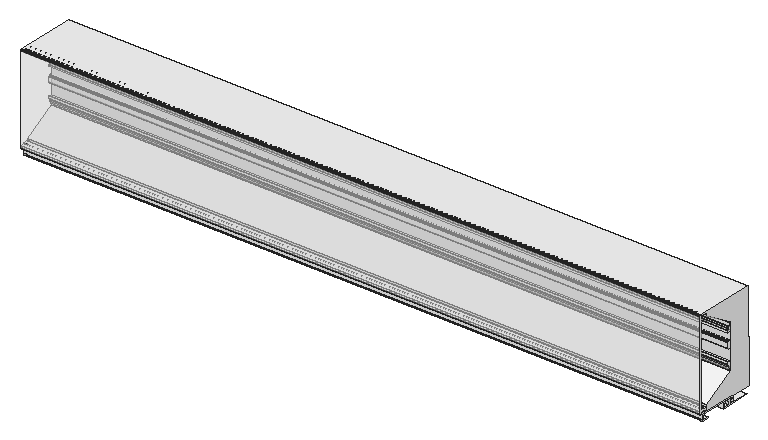
Revit family "6L-WS-D", category Lighting Fixtures, host Face, Revit 2021
Family settings
  Host = Face
  Round Connector Dimension = Use Diameter
  Part Type = Normal
  OmniClass Number = 23.80.70.11.14.17
  OmniClass Title = Direct/Indirect
  Cut with Voids When Loaded = No
  Light Source = Yes
  Shared = Yes
  Room Calculation Point = No
Parameters (values of type "6L-WS-D-4-SOF")
  Width = 6.750"  # constant formula
  Wattage = 34 W
  Warranty = "5-Years Warranty"  # constant formula
  built-in parameter 1150110 = 1 (stored number, unit not read)
  Voltage = 120 V
  Type Comments = "Lighting Fixture"  # constant formula
  built-in parameter 1114217 = 1 (stored number, unit not read)
  Tilt Angle = 90.00°
  built-in parameter 1150109 = 1 (stored number, unit not read)
  built-in parameter 1150134 = (empty or 0)
  built-in parameter 1150113 = 1 (stored number, unit not read)
  Starting Length = (Row Length / 2) * -1  # -24.000"
  Power Factor = 1
  Photometric Web File = "6L-WSx-D-4-SOF-X-CX-35K-D035.ies"
  Photometric Notes = "More IES files download on Photometric Link"  # constant formula
  Row Length = 48.000"
  Wattage Comments = "18W"
  URL = "https://www.currentlighting.com/litecontrol"
  Mounting = "Perimeter"  # constant formula
  Model = "MOD™ 6 LED Perimeter Wall/Slot® Direct"  # constant formula
  Manufacturer = "Litecontrol"  # constant formula
  built-in parameter 1150105 = 265.15 (stored number, unit not read)
  Lumens = 3332 lm
  built-in parameter 1150115 = 1 (stored number, unit not read)
  Load Classification = Lighting
  built-in parameter 1150137 = (empty or 0)
  built-in parameter 1150139 = (empty or 0)
  built-in parameter 1150112 = 1 (stored number, unit not read)
  built-in parameter 1150114 = 1 (stored number, unit not read)
  Lamp = "LED"  # constant formula
  built-in parameter 1150132 = (empty or 0)
  built-in parameter 1150102 = (empty or 0)
  built-in parameter 1150107 = 3500 (stored number, unit not read)
  built-in parameter 1150138 = (empty or 0)
  built-in parameter 1150106 = 2.6515 (stored number, unit not read)
  Height = 10.500"  # constant formula
  Glass = Paint - Textured Matte White
  Fixture Distribution = "Direct/Asymmetric Direct"  # constant formula
  Features = "Variable Intensity technology provides specifiable\r\nlumen output/wattage\r\n• End cap design eliminates visible diffuser seams/gaps\r\n• 2 SDCM color variation"  # constant formula
  Ending Length = (Row Length / 2)  # 24.000"
  Emit from Rectangle Width = Row Length - 1.000"  # 47.000"
  Emit from Rectangle Length = Width - 1.000"  # 5.750"
  Emit Shape Visible in Rendering = no
  built-in parameter 1150104 = 9.1045 (stored number, unit not read)
  Dimming Lamp Color Temperature Shift = <None>
  Description = "MOD™ 6 LED Perimeter Wall/Slot® Direct"  # constant formula
  Depth = 4.315"  # constant formula
  Default Elevation = 48.000"
  Copyright = "Copyright © Litecontrol"  # constant formula
  Contact Us = ""
  Color Filter = 16777215
  Circuiting = "1Circuit"  # constant formula
  Bulb = Glass  - White
  built-in parameter 1114218 = 1 (stored number, unit not read)
  Housing Material = Paint -  Matte White
  built-in parameter 1150133 = 10 (stored number, unit not read)
  Assembly Code = "D5020200"
  Application = "Commercial Indoor,Institutional,Retail,Education,Healthcare,Library,Office,Perimeter Lighting,Public Space"  # constant formula
  Apparent Load = 0 VA
Reference planes (in)
  plane 1 "Center (Front/Back)": y = 13.01342
  plane 2: z = 0
  plane 3 "Center (Left/Right)": x = 0
  plane 4: x = -24
  plane 5: x = 24
  plane 6: z = 6.75
  plane 7: z = 0.625
  plane 8: y = 15.17092
  plane 9: y = 10.85592
Forms (in)
  Extrusion 1, solid, material "Paint -  Matte White" <- "Housing Material"
    sketch origin (0, 0, 0) x (0, 1, 0) y (0, 0, 1)
      loop
        line (15.17092, 6.75) -> (10.98862, 6.75) -> (10.98862, 6.70757) -> (11.50425, 6.70757) -> (11.50425, 6.46314) -> (13.62603, 5.17376) -> (13.62603, 2.05089) -> (11.51813, 0.8339) -> (11.50425, 0.51658) -> (11.00425, 0.51658) -> (11.00425, 0.4429) -> (15.17092, 0.4429) -> (15.17092, 6.75)
      loop
        line (10.85592, 6.70757) -> (10.85592, 0.51658) -> (10.94177, 0.51658) -> (10.94177, 0.58385) -> (11.21943, 0.66874)
        spline (11.21943, 0.66874) -> (11.26023, 0.62829) -> (11.28779, 0.60319) -> (11.30761, 0.59002) -> (11.32501, 0.58544) -> (11.34183, 0.5873) -> (11.35697, 0.59445) -> (11.36939, 0.60581) -> (11.3796, 0.621) -> (11.38928, 0.64008) -> (11.4, 0.66316) -> (11.4115, 0.6906) -> (11.422, 0.72299)
        arc (11.422, 0.72299) -> (11.40911, 0.74044) -> (11.38805, 0.73528) r 0.01957
        spline (11.38805, 0.73528) -> (11.32246, 0.67336) -> (11.29061, 0.66677) -> (11.27382, 0.68408) -> (11.2588, 0.70279) -> (11.24203, 0.71662) -> (11.22116, 0.72203) -> (11.19426, 0.71976) -> (11.15957, 0.71163) -> (11.11537, 0.69949) -> (11.06316, 0.68506) -> (11.00841, 0.66992) -> (10.95684, 0.65567)
        line (10.95684, 0.65567) -> (10.95684, 6.56848)
        spline (10.95684, 6.56848) -> (11.00841, 6.55422) -> (11.06316, 6.53909) -> (11.11537, 6.52465) -> (11.15957, 6.51251) -> (11.19426, 6.50439) -> (11.22116, 6.50212) -> (11.24203, 6.50752) -> (11.2588, 6.52136) -> (11.27382, 6.54007) -> (11.29061, 6.55737) -> (11.32246, 6.55079) -> (11.38805, 6.48886)
        arc (11.38805, 6.48886) -> (11.40911, 6.48371) -> (11.422, 6.50115) r 0.01957
        spline (11.422, 6.50115) -> (11.4115, 6.53355) -> (11.4, 6.56099) -> (11.38928, 6.58406) -> (11.3796, 6.60314) -> (11.36939, 6.61833) -> (11.35697, 6.6297) -> (11.34183, 6.63685) -> (11.32501, 6.63871) -> (11.30761, 6.63413) -> (11.28779, 6.62096) -> (11.26023, 6.59585) -> (11.21943, 6.5554)
        line (11.21943, 6.5554) -> (10.94177, 6.64029) -> (10.94177, 6.70757) -> (10.85592, 6.70757)
    from 24 <- "Ending Length" to -24 <- "Starting Length"
  Extrusion 2, solid, material "Paint -  Matte White" <- "Housing Material"
    sketch origin (0, 0, 0) x (0, 1, 0) y (0, 0, 1)
      loop
        line (13.73893, 0.28651) -> (13.73893, 0.34654) -> (13.38127, 0.34654) -> (13.38127, 0.27501) -> (13.45408, 0.27501) -> (13.45408, 0.02465) -> (13.02871, 0.02465) -> (13.02871, 0.27501) -> (13.08619, 0.27501) -> (13.08619, 0.34654) -> (12.97634, 0.34654) -> (12.97634, -0.03056) -> (15.04379, -0.03056) -> (15.04379, 0.02465) -> (13.93692, 0.02465) -> (13.51539, 0.02465) -> (13.51539, 0.28651) -> (13.73893, 0.28651)
      loop
        line (13.74304, 0.18665) -> (13.57032, 0.18665) -> (13.57032, 0.13067) -> (13.73382, 0.13067)
        arc (13.73382, 0.13067) -> (13.79795, 0.15723) -> (13.82452, 0.22136) r 0.09069
        line (13.82452, 0.22136) -> (13.82452, 0.35165)
        arc (13.82452, 0.35165) -> (13.79795, 0.41578) -> (13.73382, 0.44235) r 0.09069
        line (13.73382, 0.44235) -> (11.22067, 0.44235)
        arc (11.22067, 0.44235) -> (11.16246, 0.42121) -> (11.13139, 0.36764) r 0.09069
        line (11.13139, 0.36764) -> (11.13139, 0.06165)
        arc (11.13139, 0.06165) -> (11.16246, 0.00808) -> (11.22067, -0.01306) r 0.09069
        line (11.22067, -0.01306) -> (11.61675, -0.01306) -> (11.61675, 0.04077) -> (11.21199, 0.04077)
        arc (11.21199, 0.04077) -> (11.18887, 0.05035) -> (11.17929, 0.07347) r 0.03269
        line (11.17929, 0.07347) -> (11.17929, 0.35582)
        arc (11.17929, 0.35582) -> (11.18887, 0.37894) -> (11.21199, 0.38852) r 0.03269
        line (11.21199, 0.38852) -> (13.74218, 0.38852)
        arc (13.74218, 0.38852) -> (13.76741, 0.37807) -> (13.77786, 0.35283) r 0.03568
        line (13.77786, 0.35283) -> (13.77786, 0.22147)
        arc (13.77786, 0.22147) -> (13.76766, 0.19685) -> (13.74304, 0.18665) r 0.03482
    from -24 <- "Starting Length" to 24 <- "Ending Length"
  Extrusion 3, solid, material "Glass  - White" <- "Bulb"
    sketch origin (0, 0.75, 0.0625) x (0, 1, 0) y (0, 0, 1)
      loop
        line (12.88143, 3.98858) -> (12.73346, 3.98858) -> (12.73346, 3.88733) -> (12.60632, 3.88733) -> (12.60632, 3.49495) -> (12.73346, 3.49495) -> (12.73346, 3.37537) -> (12.88143, 3.37537) -> (12.88143, 3.98858)
      loop
        line (12.8715, 5.07854) -> (12.78341, 5.07854) -> (12.78341, 4.86528) -> (12.68644, 4.86528) -> (12.68644, 4.73794) -> (12.61956, 4.67106) -> (12.61956, 4.48711) -> (12.8715, 4.51804) -> (12.8715, 5.07854)
      loop
        line (12.8715, 2.08229) -> (12.8715, 2.64279) -> (12.61956, 2.67372) -> (12.61956, 2.48977) -> (12.68644, 2.42289) -> (12.68644, 2.29555) -> (12.78341, 2.29555) -> (12.78341, 2.08229) -> (12.8715, 2.08229)
    from -24 <- "Starting Length" to 24 <- "Ending Length"
Dimensions and locks (in)
  "Row Length": plane 5 to plane 4
  equal spacing: plane 5, plane 3 "Center (Left/Right)", plane 4
  "Width": plane 6 to plane 2
  plane 6 to plane 2 = 6.750"
  plane 6 to host face = 6.750"
  "Depth": plane 8 to plane 9
  equal spacing: plane 8, plane 1 "Center (Front/Back)", plane 9
  aligned and locked: plane 2 to host face
  aligned and locked: level to host face
  aligned and locked: imposter light to plane 3 "Center (Left/Right)"
  aligned and locked: plane 9 to imposter light
Automatic sketch dimensions
  host sketch curve to host sketch curve = 96.000"  (x2)
  Extrusion 2 sketch curve to level = 0.03056"
  Extrusion 2 sketch curve to plane 9 = 0.27547"
  Extrusion 2 sketch curve to Extrusion 2 sketch curve = 0.0479"
  Extrusion 2 sketch curve to Extrusion 2 sketch curve = 0.03269"  (x2)
  Extrusion 2 sketch curve to level = 0.01306"
  Extrusion 2 sketch curve to Extrusion 2 sketch curve = 0.00868"  (x2)
  Extrusion 2 sketch curve to Extrusion 2 sketch curve = 0.39608"
  plane 1 "Center (Front/Back)" to Extrusion 2 sketch curve = 0.03708"
  Extrusion 2 sketch curve to plane 1 "Center (Front/Back)" = 0.01529"
  Extrusion 2 sketch curve to plane 1 "Center (Front/Back)" = 0.07277"
  Extrusion 2 sketch curve to Extrusion 2 sketch curve = 0.29507"
  Extrusion 2 sketch curve to Extrusion 2 sketch curve = 0.07281"
  Extrusion 2 sketch curve to Extrusion 2 sketch curve = 0.06131"
  Extrusion 2 sketch curve to Extrusion 2 sketch curve = 0.05493"
  Extrusion 2 sketch curve to Extrusion 2 sketch curve = 0.21843"
  Extrusion 2 sketch curve to Extrusion 2 sketch curve = 0.000"  (x3)
  Extrusion 2 sketch curve to Extrusion 2 sketch curve = 0.00511"  (x2)
  Extrusion 2 sketch curve to Extrusion 2 sketch curve = 0.00325"
  Extrusion 2 sketch curve to Extrusion 2 sketch curve = 0.00922"
  Extrusion 2 sketch curve to Extrusion 2 sketch curve = 0.03568"
  Extrusion 2 sketch curve to Extrusion 2 sketch curve = 0.04665"
  level to Extrusion 2 sketch curve = 0.02465"  (x2)
  Extrusion 2 sketch curve to Extrusion 2 sketch curve = 0.11241"
  plane 8 to Extrusion 2 sketch curve = 0.12713"
  level to Extrusion 2 sketch curve = 0.04077"
  Extrusion 2 sketch curve to Extrusion 2 sketch curve = 0.01181"
  level to Extrusion 2 sketch curve = 0.13067"
  Extrusion 2 sketch curve to Extrusion 2 sketch curve = 0.05598"
  Extrusion 2 sketch curve to Extrusion 2 sketch curve = 0.25037"
  Extrusion 2 sketch curve to Extrusion 2 sketch curve = 0.08836"
  Extrusion 2 sketch curve to Extrusion 2 sketch curve = 0.0115"
  Extrusion 2 sketch curve to Extrusion 2 sketch curve = 0.07153"  (x2)
  Extrusion 2 sketch curve to Extrusion 2 sketch curve = 0.09069"
  Extrusion 2 sketch curve to Extrusion 2 sketch curve = 0.00629"
  Extrusion 1 sketch curve to plane 9 = 0.000"
  Extrusion 1 sketch curve to plane 6 = 0.000"
  Extrusion 1 sketch curve to plane 8 = 0.000"
  Extrusion 1 sketch curve to plane 9 = 0.08585"
  Extrusion 1 sketch curve to Extrusion 1 sketch curve = 0.08585"
  plane 7 to Extrusion 1 sketch curve = 0.03067"
  Extrusion 1 sketch curve to Extrusion 1 sketch curve = 0.01507"
  Extrusion 1 sketch curve to Extrusion 1 sketch curve = 0.04685"
  Extrusion 1 sketch curve to Extrusion 1 sketch curve = 0.06248"
  Extrusion 1 sketch curve to Extrusion 1 sketch curve = 0.2626"  (x2)
  plane 7 to Extrusion 1 sketch curve = 0.04374"
  plane 7 to Extrusion 1 sketch curve = 0.11028"
  Extrusion 1 sketch curve to Extrusion 1 sketch curve = 0.16862"  (x2)
  Extrusion 1 sketch curve to plane 6 = 0.26114"
  Extrusion 1 sketch curve to Extrusion 1 sketch curve = 0.01441"  (x2)
  Extrusion 1 sketch curve to plane 6 = 0.24885"
  Extrusion 1 sketch curve to Extrusion 1 sketch curve = 0.01954"  (x2)
  plane 7 to Extrusion 1 sketch curve = 0.09799"
  Extrusion 1 sketch curve to plane 6 = 0.28686"
  Extrusion 1 sketch curve to Extrusion 1 sketch curve = 0.08225"  (x2)
  Extrusion 1 sketch curve to plane 7 = 0.10842"  (x2)
  Extrusion 1 sketch curve to plane 1 "Center (Front/Back)" = 0.61261"
  Extrusion 1 sketch curve to Extrusion 1 sketch curve = 0.07368"
  Extrusion 1 sketch curve to plane 7 = 0.04115"
  plane 7 to Extrusion 1 sketch curve = 1.42589"
  Extrusion 1 sketch curve to plane 6 = 1.57624"
  Extrusion 1 sketch curve to Extrusion 1 sketch curve = 0.06654"
  Extrusion 1 sketch curve to plane 6 = 0.18152"
  Extrusion 1 sketch curve to Extrusion 1 sketch curve = 0.07181"
  Extrusion 1 sketch curve to plane 6 = 0.04243"  (x2)
  Extrusion 1 sketch curve to Extrusion 1 sketch curve = 0.09612"
  Extrusion 1 sketch curve to Extrusion 1 sketch curve = 0.1109"
  Extrusion 3 sketch curve to plane 1 "Center (Front/Back)" = 0.3429"
  Extrusion 3 sketch curve to plane 1 "Center (Front/Back)" = 0.35614"  (x2)
  Extrusion 3 sketch curve to Extrusion 3 sketch curve = 0.12714"  (x2)
  Extrusion 3 sketch curve to Extrusion 3 sketch curve = 0.06688"  (x4)
  Extrusion 3 sketch curve to Extrusion 3 sketch curve = 0.09697"  (x2)
  Extrusion 3 sketch curve to Extrusion 3 sketch curve = 0.25194"
  Extrusion 3 sketch curve to Extrusion 3 sketch curve = 0.08809"
  Extrusion 3 sketch curve to Extrusion 3 sketch curve = 0.14797"
  plane 7 to Extrusion 3 sketch curve = 1.51979"
  Extrusion 3 sketch curve to Extrusion 3 sketch curve = 0.21326"  (x2)
  Extrusion 3 sketch curve to Extrusion 3 sketch curve = 0.12734"  (x2)
  Extrusion 3 sketch curve to Extrusion 3 sketch curve = 0.2199"
  Extrusion 3 sketch curve to Extrusion 3 sketch curve = 0.18395"  (x2)
  Extrusion 3 sketch curve to Extrusion 3 sketch curve = 0.73259"
  Extrusion 3 sketch curve to Extrusion 3 sketch curve = 0.11957"
  Extrusion 3 sketch curve to Extrusion 3 sketch curve = 0.39238"
  Extrusion 3 sketch curve to Extrusion 3 sketch curve = 0.10125"
  Extrusion 3 sketch curve to Extrusion 3 sketch curve = 0.49853"
  Extrusion 3 sketch curve to Extrusion 3 sketch curve = 0.03093"
Connectors (in)
  electrical at (0, 13.07977, 6.75)
    settings: on Extrusion 1, index 1, voltage 120 V, apparent load 0 VA, apparent load phase1 0 VA, apparent load phase2 0 VA, apparent load phase3 0 VA, power factor 1, load classification "Other", number of poles 1, system type 30, power factor state 1, is connector primary yes, connector utility no, sub classification motor no, connector description "Lighting Connector"
